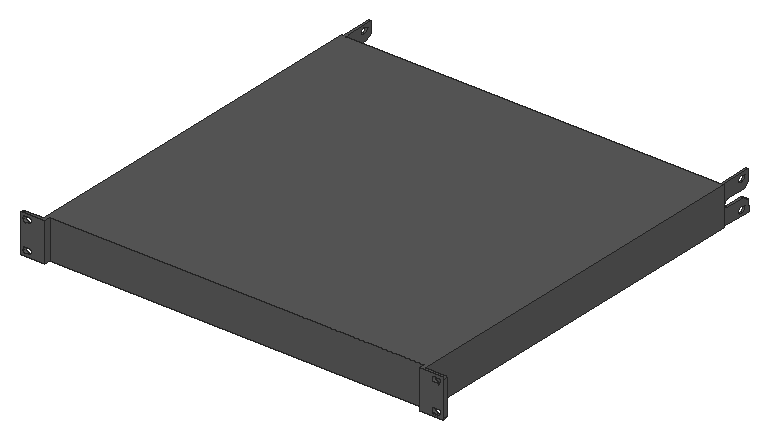
Revit family "D series - 1u", category Communication Devices, Revit 2020 (continued)
Lines and regions (mm)
  model lines, detail levels medium+fine
    curve 267: line (121.645, 3.7, 23.706) -> (122.932, 3.7, 22.838)
    curve 268: line (120.752, 3.7, 23.706) -> (121.645, 3.7, 23.706)
    curve 269: line (121.162, 3.7, 21.834) -> (120.752, 3.7, 23.706)
    curve 270: line (121.95, 3.7, 21.834) -> (121.162, 3.7, 21.834)
    curve 271: line (121.84, 3.7, 20.708) -> (121.95, 3.7, 21.834)
    curve 272: line (120.553, 3.7, 20.708) -> (121.84, 3.7, 20.708)
    curve 273: line (119.875, 3.7, 21.185) -> (120.553, 3.7, 20.708)
    curve 274: line (119.875, 3.7, 21.416) -> (119.875, 3.7, 21.185)
    curve 275: line (119.486, 3.7, 21.416) -> (119.875, 3.7, 21.416)
    curve 276: line (123.74, 3.7, 20.381) -> (123.74, 3.7, 23.67)
    curve 277: line (126.767, 3.7, 20.381) -> (123.74, 3.7, 20.381)
    curve 278: line (126.767, 3.7, 20.744) -> (126.767, 3.7, 20.381)
    curve 279: line (124.155, 3.7, 20.744) -> (126.767, 3.7, 20.744)
    curve 280: line (124.155, 3.7, 21.893) -> (124.155, 3.7, 20.744)
    curve 281: line (126.649, 3.7, 21.893) -> (124.155, 3.7, 21.893)
    curve 282: line (126.649, 3.7, 22.257) -> (126.649, 3.7, 21.893)
    curve 283: line (124.155, 3.7, 22.257) -> (126.649, 3.7, 22.257)
    curve 284: line (124.155, 3.7, 23.306) -> (124.155, 3.7, 22.257)
    curve 285: line (126.75, 3.7, 23.306) -> (124.155, 3.7, 23.306)
    curve 286: line (126.75, 3.7, 23.67) -> (126.75, 3.7, 23.306)
    curve 287: line (123.74, 3.7, 23.67) -> (126.75, 3.7, 23.67)
    curve 288: line (127.787, 3.7, 22.043) -> (129.777, 3.7, 22.043)
    curve 289: line (127.787, 3.7, 23.306) -> (127.787, 3.7, 22.043)
    curve 290: line (129.676, 3.7, 23.306) -> (127.787, 3.7, 23.306)
    curve 291: line (130.433, 3.7, 22.82) -> (129.676, 3.7, 23.306)
    curve 292: line (130.433, 3.7, 22.52) -> (130.433, 3.7, 22.82)
    curve 293: line (129.777, 3.7, 22.043) -> (130.433, 3.7, 22.52)
    curve 294: line (127.373, 3.7, 20.381) -> (127.373, 3.7, 23.67)
    curve 295: line (127.787, 3.7, 20.381) -> (127.373, 3.7, 20.381)
    curve 296: line (127.787, 3.7, 21.68) -> (127.787, 3.7, 20.381)
    curve 297: line (129.811, 3.7, 21.68) -> (127.787, 3.7, 21.68)
    curve 298: line (130.421, 3.7, 21.103) -> (129.811, 3.7, 21.68)
    curve 299: line (130.421, 3.7, 20.381) -> (130.421, 3.7, 21.103)
    curve 300: line (130.81, 3.7, 20.381) -> (130.421, 3.7, 20.381)
    curve 301: line (130.81, 3.7, 21.221) -> (130.81, 3.7, 20.381)
    curve 302: line (130.281, 3.7, 21.844) -> (130.81, 3.7, 21.221)
    curve 303: line (130.848, 3.7, 22.47) -> (130.281, 3.7, 21.844)
    curve 304: line (130.848, 3.7, 22.738) -> (130.848, 3.7, 22.47)
    curve 305: line (129.824, 3.7, 23.67) -> (130.848, 3.7, 22.738)
    curve 306: line (127.373, 3.7, 23.67) -> (129.824, 3.7, 23.67)
    curve 307: line (131.589, 3.7, 20.381) -> (131.589, 3.7, 23.67)
    curve 308: line (132.004, 3.7, 20.381) -> (131.589, 3.7, 20.381)
    curve 309: line (132.004, 3.7, 23.67) -> (132.004, 3.7, 20.381)
    curve 310: line (131.589, 3.7, 23.67) -> (132.004, 3.7, 23.67)
    curve 311: line (132.829, 3.7, 20.381) -> (132.829, 3.7, 23.67)
    curve 312: line (135.856, 3.7, 20.381) -> (132.829, 3.7, 20.381)
    curve 313: line (135.856, 3.7, 20.744) -> (135.856, 3.7, 20.381)
    curve 314: line (133.244, 3.7, 20.744) -> (135.856, 3.7, 20.744)
    curve 315: line (133.244, 3.7, 21.893) -> (133.244, 3.7, 20.744)
    curve 316: line (135.738, 3.7, 21.893) -> (133.244, 3.7, 21.893)
    curve 317: line (135.738, 3.7, 22.257) -> (135.738, 3.7, 21.893)
    curve 318: line (133.244, 3.7, 22.257) -> (135.738, 3.7, 22.257)
    curve 319: line (133.244, 3.7, 23.306) -> (133.244, 3.7, 22.257)
    curve 320: line (135.839, 3.7, 23.306) -> (133.244, 3.7, 23.306)
    curve 321: line (135.839, 3.7, 23.67) -> (135.839, 3.7, 23.306)
    curve 322: line (132.829, 3.7, 23.67) -> (135.839, 3.7, 23.67)
    curve 323: line (136.411, 3.7, 21.176) -> (136.411, 3.7, 21.416)
    curve 324: line (137.549, 3.7, 20.344) -> (136.411, 3.7, 21.176)
    curve 325: line (138.701, 3.7, 20.344) -> (137.549, 3.7, 20.344)
    curve 326: line (139.933, 3.7, 21.212) -> (138.701, 3.7, 20.344)
    curve 327: line (139.933, 3.7, 21.426) -> (139.933, 3.7, 21.212)
    curve 328: line (138.785, 3.7, 22.234) -> (139.933, 3.7, 21.426)
    curve 329: line (137.558, 3.7, 22.234) -> (138.785, 3.7, 22.234)
    curve 330: line (137.88, 3.7, 23.343) -> (137.558, 3.7, 22.234)
    curve 331: line (138.32, 3.7, 23.343) -> (137.88, 3.7, 23.343)
    curve 332: line (139.467, 3.7, 22.725) -> (138.32, 3.7, 23.343)
    curve 333: line (139.856, 3.7, 22.725) -> (139.467, 3.7, 22.725)
    curve 334: line (138.57, 3.7, 23.706) -> (139.856, 3.7, 22.838)
    curve 335: line (137.676, 3.7, 23.706) -> (138.57, 3.7, 23.706)
    curve 336: line (138.087, 3.7, 21.834) -> (137.676, 3.7, 23.706)
    curve 337: line (138.874, 3.7, 21.834) -> (138.087, 3.7, 21.834)
    curve 338: line (138.764, 3.7, 20.708) -> (138.874, 3.7, 21.834)
    curve 339: line (137.477, 3.7, 20.708) -> (138.764, 3.7, 20.708)
    curve 340: line (136.8, 3.7, 21.185) -> (137.477, 3.7, 20.708)
    curve 341: line (136.8, 3.7, 21.416) -> (136.8, 3.7, 21.185)
    curve 342: line (136.411, 3.7, 21.416) -> (136.8, 3.7, 21.416)
    curve 343: line (62.74, 3.7, 28.373) -> (62.74, 3.7, 28.647)
    curve 344: line (62.713, 3.7, 28.373) -> (62.987, 3.7, 28.373)
    curve 345: line (62.713, 3.7, 28.647) -> (62.713, 3.7, 28.373)
    curve 346: line (62.987, 3.7, 28.647) -> (62.713, 3.7, 28.647)
    curve 347: line (62.729, 3.7, 28.718) -> (62.97, 3.7, 28.718)
    curve 348: line (62.642, 3.7, 28.39) -> (62.642, 3.7, 28.63)
    curve 349: line (62.97, 3.7, 28.302) -> (62.729, 3.7, 28.302)
    curve 350: line (62.693, 3.7, 27.375) -> (60.836, 3.7, 27.444)
    curve 351: line (61.351, 3.7, 27.29) -> (62.693, 3.7, 27.29)
    curve 352: line (61.793, 3.7, 26.679) -> (61.351, 3.7, 27.29)
    curve 353: line (62.145, 3.7, 26.961) -> (61.793, 3.7, 26.679)
    curve 354: line (62.669, 3.7, 26.961) -> (62.145, 3.7, 26.961)
    curve 355: line (60.836, 3.7, 27.444) -> (62.669, 3.7, 26.961)
    curve 356: line (61.366, 3.7, 27.713) -> (62.164, 3.7, 27.713)
    curve 357: line (62.164, 3.7, 27.713) -> (61.366, 3.7, 27.713)
    curve 358: line (57.27, 3.7, 27.695) -> (56.541, 3.7, 26.882)
    curve 359: line (57.098, 3.7, 27.89) -> (57.27, 3.7, 27.695)
    curve 360: line (56.601, 3.7, 27.89) -> (57.098, 3.7, 27.89)
    curve 361: line (58.141, 3.7, 28.463) -> (56.601, 3.7, 27.89)
    curve 362: line (58.267, 3.7, 26.855) -> (58.141, 3.7, 28.463)
    curve 363: line (58.378, 3.7, 26.293) -> (58.267, 3.7, 26.855)
    curve 364: line (57.822, 3.7, 26.201) -> (58.378, 3.7, 26.201)
    curve 365: line (57.775, 3.7, 26.516) -> (57.789, 3.7, 26.335)
    curve 366: line (56.541, 3.7, 26.882) -> (57.775, 3.7, 26.516)
    curve 367: line (57.696, 3.7, 26.859) -> (57.307, 3.7, 26.618)
    curve 368: line (57.757, 3.7, 27.184) -> (57.696, 3.7, 26.859)
    curve 369: line (57.757, 3.7, 27.425) -> (57.757, 3.7, 27.184)
    curve 370: line (57.52, 3.7, 27.318) -> (57.757, 3.7, 27.425)
    curve 371: line (57.061, 3.7, 26.855) -> (57.52, 3.7, 27.318)
    curve 372: line (57.307, 3.7, 26.618) -> (57.061, 3.7, 26.855)
    curve 373: line (59.575, 3.7, 27.245) -> (59.361, 3.7, 26.966)
    curve 374: line (59.361, 3.7, 26.966) -> (59.361, 3.7, 26.201)
    curve 375: line (59.361, 3.7, 26.201) -> (58.856, 3.7, 26.201)
    curve 376: line (58.856, 3.7, 26.201) -> (58.856, 3.7, 31.318)
    curve 377: line (58.856, 3.7, 31.318) -> (59.361, 3.7, 31.318)
    curve 378: line (59.361, 3.7, 31.318) -> (59.361, 3.7, 27.713)
    curve 379: line (59.361, 3.7, 27.713) -> (59.997, 3.7, 28.636)
    curve 380: line (59.997, 3.7, 28.636) -> (60.633, 3.7, 28.636)
    curve 381: line (60.633, 3.7, 28.636) -> (59.946, 3.7, 27.699)
    curve 382: line (59.946, 3.7, 27.699) -> (60.66, 3.7, 26.201)
    curve 383: line (60.66, 3.7, 26.201) -> (60.039, 3.7, 26.201)
    curve 384: line (60.039, 3.7, 26.201) -> (59.575, 3.7, 27.245)
    curve 385: line (55.566, 3.7, 31.327) -> (56.113, 3.7, 31.327)
    curve 386: line (56.113, 3.7, 31.327) -> (56.113, 3.7, 26.201)
    curve 387: line (56.113, 3.7, 26.201) -> (55.566, 3.7, 26.201)
    curve 388: line (55.566, 3.7, 26.201) -> (55.566, 3.7, 31.327)
    curve 389: line (54.843, 3.7, 33.982) -> (63.292, 3.7, 33.982)
    curve 390: line (63.292, 3.7, 33.982) -> (63.292, 3.7, 25.533)
    curve 391: line (63.292, 3.7, 25.533) -> (54.843, 3.7, 25.533)
    curve 392: line (54.843, 3.7, 25.533) -> (54.843, 3.7, 33.982)
Dimensions and locks
  aligned and locked: level to plane 2
Connectors
  electrical at (-179.588, 425, 23.1)
    settings: on cut or joined group 1 (Extrusion 1, Extrusion 2, Extrusion 3, Extrusion 4, Extrusion 5, Extrusion 6, Extrusion 7, Extrusion 8, Extrusion 9, Extrusion 10, Extrusion 11, Extrusion 12, Extrusion 13, Extrusion 14, Extrusion 15, Extrusion 16, Extrusion 17), index 1, voltage 120 V, apparent load 0 VA, apparent load phase1 0 VA, apparent load phase2 0 VA, apparent load phase3 0 VA, power factor 1, load classification "Other", number of poles 1, system type 31, power factor state 1, is connector primary yes, connector utility no, sub classification motor no, connector description "100-240VAC IEC"
  electrical at (-179.586, 425, 25.6)
    settings: on cut or joined group 1, index 2, voltage 0 V, apparent load 0 VA, apparent load phase1 0 VA, apparent load phase2 0 VA, apparent load phase3 0 VA, power factor 1, load classification "Other", number of poles 1, system type 31, power factor state 1, is connector primary no, connector utility no, sub classification motor no, connector description ""
  electrical at (-36.586, 425, 17.51)
    settings: on cut or joined group 1, index 3, voltage 0 V, apparent load 0 VA, apparent load phase1 0 VA, apparent load phase2 0 VA, apparent load phase3 0 VA, power factor 1, load classification "Other", number of poles 1, system type 14, power factor state 1, is connector primary no, connector utility no, sub classification motor no, connector description "Speaker Out - 2pin"
  electrical at (-71.586, 425, 17.51)
    settings: on cut or joined group 1, index 4, voltage 0 V, apparent load 0 VA, apparent load phase1 0 VA, apparent load phase2 0 VA, apparent load phase3 0 VA, power factor 1, load classification "Other", number of poles 1, system type 14, power factor state 1, is connector primary no, connector utility no, sub classification motor no, connector description "Speaker Out - 2pin"
  electrical at (-106.586, 425, 17.51)
    settings: on cut or joined group 1, index 5, voltage 0 V, apparent load 0 VA, apparent load phase1 0 VA, apparent load phase2 0 VA, apparent load phase3 0 VA, power factor 1, load classification "Other", number of poles 1, system type 14, power factor state 1, is connector primary no, connector utility no, sub classification motor no, connector description "Speaker Out - 2pin"
  electrical at (-141.586, 425, 17.51)
    settings: on cut or joined group 1, index 6, voltage 0 V, apparent load 0 VA, apparent load phase1 0 VA, apparent load phase2 0 VA, apparent load phase3 0 VA, power factor 1, load classification "Other", number of poles 1, system type 14, power factor state 1, is connector primary no, connector utility no, sub classification motor no, connector description "Speaker Out - 2pin"
  electrical at (191.278, 425, 14.144)
    settings: on cut or joined group 1, index 7, voltage 0 V, apparent load 0 VA, apparent load phase1 0 VA, apparent load phase2 0 VA, apparent load phase3 0 VA, power factor 1, load classification "Other", number of poles 1, system type 14, power factor state 1, is connector primary no, connector utility no, sub classification motor no, connector description "Analog In - 3pin"
  electrical at (165.183, 425, 14.144)
    settings: on cut or joined group 1, index 8, voltage 0 V, apparent load 0 VA, apparent load phase1 0 VA, apparent load phase2 0 VA, apparent load phase3 0 VA, power factor 1, load classification "Other", number of poles 1, system type 14, power factor state 1, is connector primary no, connector utility no, sub classification motor no, connector description "Analog In - 3pin"
  electrical at (139.083, 425, 14.144)
    settings: on cut or joined group 1, index 9, voltage 0 V, apparent load 0 VA, apparent load phase1 0 VA, apparent load phase2 0 VA, apparent load phase3 0 VA, power factor 1, load classification "Other", number of poles 1, system type 14, power factor state 1, is connector primary no, connector utility no, sub classification motor no, connector description "Analog In - 3pin"
  electrical at (112.983, 425, 14.144)
    settings: on cut or joined group 1, index 10, voltage 0 V, apparent load 0 VA, apparent load phase1 0 VA, apparent load phase2 0 VA, apparent load phase3 0 VA, power factor 1, load classification "Other", number of poles 1, system type 14, power factor state 1, is connector primary no, connector utility no, sub classification motor no, connector description "Analog In - 3pin"
  electrical at (83.183, 425, 14.144)
    settings: on cut or joined group 1, index 11, voltage 0 V, apparent load 0 VA, apparent load phase1 0 VA, apparent load phase2 0 VA, apparent load phase3 0 VA, power factor 1, load classification "Other", number of poles 1, system type 14, power factor state 1, is connector primary no, connector utility no, sub classification motor no, connector description "AES3 In - 3pin"
  electrical at (57.083, 425, 14.144)
    settings: on cut or joined group 1, index 12, voltage 0 V, apparent load 0 VA, apparent load phase1 0 VA, apparent load phase2 0 VA, apparent load phase3 0 VA, power factor 1, load classification "Other", number of poles 1, system type 14, power factor state 1, is connector primary no, connector utility no, sub classification motor no, connector description "AES3 In - 3pin"
  electrical at (31.373, 425, 34.48)
    settings: on cut or joined group 1, index 13, voltage 0 V, apparent load 0 VA, apparent load phase1 0 VA, apparent load phase2 0 VA, apparent load phase3 0 VA, power factor 1, load classification "Other", number of poles 1, system type 14, power factor state 1, is connector primary no, connector utility no, sub classification motor no, connector description "Network - RJ45 Ethercon"
  electrical at (6.407, 425, 34.48)
    settings: on cut or joined group 1, index 14, voltage 0 V, apparent load 0 VA, apparent load phase1 0 VA, apparent load phase2 0 VA, apparent load phase3 0 VA, power factor 1, load classification "Other", number of poles 1, system type 14, power factor state 1, is connector primary no, connector utility no, sub classification motor no, connector description "Network - RJ45 Ethercon"
